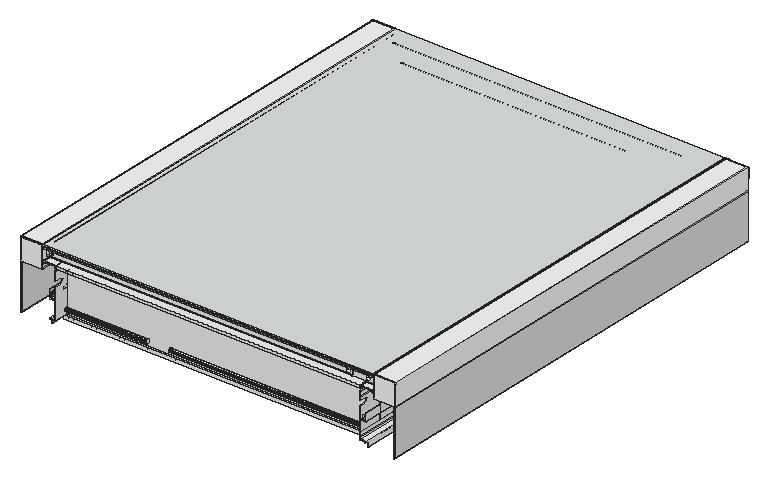
Revit family "Furniture-Lighted_Mirror_Cabinet-KOHLER-VERDERA-K-26379T", category Lighting Fixtures, host Face, Revit 2021 (continued)
Definition of nested family "K-26379T"
  Lines and regions (in)
    Masking region 1
      outline origin (0, 0, 0) x (1, 0, 0) y (0, 0, 1)
        loop
          arc (3.87402, 3.85448) -> (3.86825, 3.8684) -> (3.85433, 3.87416) r 0.01969
          line (3.85433, 3.87416) -> (3.03632, 3.87416)
          arc (3.03632, 3.87416) -> (3.02177, 3.86814) -> (3.01575, 3.85359) r 0.02058
          line (3.01575, 3.85359) -> (3.01575, 3.70094) -> (3.74016, 3.70094) -> (3.74016, 3.3466) -> (3.97638, 3.3466)
          arc (3.97638, 3.3466) -> (3.94854, 3.35814) -> (3.93701, 3.38597) r 0.03937
          line (3.93701, 3.38597) -> (3.93701, 3.75999)
        loop
          line (-19.68508, 3.75999) -> (-19.68508, 3.38597)
          arc (-19.68508, 3.38597) -> (-19.69661, 3.35814) -> (-19.72445, 3.3466) r 0.03937
          line (-19.72445, 3.3466) -> (-19.48823, 3.3466) -> (-19.48823, 3.70094) -> (-18.76382, 3.70094) -> (-18.76382, 3.85359)
          arc (-18.76382, 3.85359) -> (-18.76984, 3.86814) -> (-18.78439, 3.87416) r 0.02058
          line (-18.78439, 3.87416) -> (-19.6024, 3.87416)
          arc (-19.6024, 3.87416) -> (-19.61632, 3.8684) -> (-19.62208, 3.85448) r 0.01969
          line (-19.62208, 3.85448) -> (-19.62208, 3.82298)
          arc (-19.62208, 3.82298) -> (-19.61632, 3.80906) -> (-19.6024, 3.8033) r 0.01969
          line (-19.6024, 3.8033) -> (-19.54711, 3.8033) -> (-19.54711, 3.74031) -> (-19.66539, 3.74031)
          arc (-19.66539, 3.74031) -> (-19.67931, 3.74607) -> (-19.68508, 3.75999) r 0.01969
        loop
          arc (3.21091, 2.01205) -> (3.19951, 1.97008) -> (3.20941, 1.92773) r 0.08873
          arc (3.20941, 1.92773) -> (3.22829, 1.93288) -> (3.24615, 1.92489) r 0.02904
          arc (3.24615, 1.92489) -> (3.34698, 1.96638) -> (3.24839, 2.01297) r 0.0596
          arc (3.24839, 2.01297) -> (3.22982, 2.00578) -> (3.21091, 2.01205) r 0.02948
        loop
          arc (-18.95898, 2.01205) -> (-18.97789, 2.00578) -> (-18.99646, 2.01297) r 0.02948
          arc (-18.99646, 2.01297) -> (-19.09505, 1.96638) -> (-18.99422, 1.92489) r 0.0596
          arc (-18.99422, 1.92489) -> (-18.97636, 1.93288) -> (-18.95748, 1.92773) r 0.02904
          arc (-18.95748, 1.92773) -> (-18.94757, 1.97008) -> (-18.95898, 2.01205) r 0.08873
    Masking region 2
      outline origin (-7.87403, 0, 0) x (0, 1, 0) y (0, 0, 1)
        loop
          arc (15.74803, 4.88976) -> (15.73881, 4.91203) -> (15.71654, 4.92126) r 0.0315
          line (15.71654, 4.92126) -> (-15.71654, 4.92126)
          arc (-15.71654, 4.92126) -> (-15.73881, 4.91203) -> (-15.74803, 4.88976) r 0.0315
          line (-15.74803, 4.88976) -> (-15.74803, 0.11826) -> (-15.70866, 0.07889) -> (-15.51181, 0.07889) -> (-15.51181, 0) -> (15.51181, 0) -> (15.51181, 0.07889) -> (15.70866, 0.07889) -> (15.74803, 0.11826) -> (15.74803, 4.88976)
    Masking region 3
      outline origin (-15.75591, -180, 2.25239) x (-1, 0, 0) y (0, -1, 0)
        loop
          line (5.50397, -195.70866) -> (5.50397, -164.29134)
          arc (5.50397, -164.29134) -> (5.49568, -164.26384) -> (5.46952, -164.25197) r 0.03476
          line (5.46952, -164.25197) -> (3.96044, -164.25197)
          arc (3.96044, -164.25197) -> (3.94405, -164.25877) -> (3.93546, -164.27429) r 0.02691
          line (3.93546, -164.27429) -> (3.92917, -164.31102) -> (3.92917, -164.25197) -> (-19.69291, -164.25197) -> (-19.69291, -164.31102) -> (-19.69921, -164.27429)
          arc (-19.69921, -164.27429) -> (-19.7078, -164.25877) -> (-19.72418, -164.25197) r 0.02691
          line (-19.72418, -164.25197) -> (-21.23326, -164.25197)
          arc (-21.23326, -164.25197) -> (-21.25942, -164.26384) -> (-21.26772, -164.29134) r 0.03476
          line (-21.26772, -164.29134) -> (-21.26772, -195.70866)
          arc (-21.26772, -195.70866) -> (-21.25619, -195.7365) -> (-21.22835, -195.74803) r 0.03937
          line (-21.22835, -195.74803) -> (-19.72333, -195.74803)
          arc (-19.72333, -195.74803) -> (-19.70586, -195.73923) -> (-19.69882, -195.72098) r 0.02718
          line (-19.69882, -195.72098) -> (-19.69882, -195.68898) -> (-19.69291, -195.74803) -> (3.92917, -195.74803) -> (3.93508, -195.68898) -> (3.93508, -195.72098)
          arc (3.93508, -195.72098) -> (3.94212, -195.73923) -> (3.95958, -195.74803) r 0.02718
          line (3.95958, -195.74803) -> (5.4646, -195.74803)
          arc (5.4646, -195.74803) -> (5.49244, -195.7365) -> (5.50397, -195.70866) r 0.03937
    symbolic lines, detail levels medium+fine
      curve 1: line (3.99084, 0, 4.88764) -> (5.45921, 0, 4.8878)
      curve 2: line (3.98926, 0, 4.91535) -> (5.45832, 0, 4.91535)
      curve 3: line (5.47833, 0, 4.86868) -> (5.47835, 0, 3.4092)
      curve 4: line (5.50591, 0, 4.86777) -> (5.50591, 0, 3.40051)
      curve 5: arc (5.45832, 0, 4.91535) -> (5.49197, 0, 4.90142) -> (5.50591, 0, 4.86777) r 0.04758
      curve 6: arc (5.45921, 0, 4.8878) -> (5.47273, 0, 4.8822) -> (5.47833, 0, 4.86868) r 0.01912
      curve 7: arc (3.98926, 0, 4.91535) -> (3.952, 0, 4.89736) -> (3.94291, 0, 4.85699) r 0.04758
      curve 8: arc (3.99084, 0, 4.88764) -> (3.97852, 0, 4.88506) -> (3.97047, 0, 4.87539) r 0.01912
      curve 9: line (3.99084, 0, 3.38065) -> (5.44963, 0, 3.38049)
      curve 10: line (3.98926, 0, 3.35293) -> (5.45832, 0, 3.35293)
      curve 11: arc (5.45832, 0, 3.35293) -> (5.49197, 0, 3.36687) -> (5.50591, 0, 3.40051) r 0.04758
      curve 12: arc (3.98926, 0, 3.35293) -> (3.95561, 0, 3.36687) -> (3.94168, 0, 3.40051) r 0.04758
      curve 13: arc (3.99084, 0, 3.38065) -> (3.97854, 0, 3.38321) -> (3.97049, 0, 3.39284) r 0.01912
      curve 14: line (3.97638, 0, 3.3466) -> (5.03543, 0, 3.3466)
      curve 15: line (4.51373, 0, 3.26786) -> (4.39893, 0, 3.26786)
      curve 16: line (4.56693, 0, 3.26786) -> (4.88189, 0, 3.26786)
      curve 17: line (4.96063, 0, 3.26786) -> (4.96063, 0, 3.3466)
      curve 18: line (4.96063, 0, 3.26786) -> (4.91231, 0, 3.26786)
      curve 19: arc (5.03543, 0, 3.31362) -> (5.0015, 0, 3.33727) -> (4.96063, 0, 3.33089) r 0.05551
      curve 20: arc (4.85226, 0, 3.26786) -> (4.79468, 0, 3.22797) -> (4.7371, 0, 3.26786) r 0.0615
      curve 21: arc (4.70918, 0, 3.26786) -> (4.65199, 0, 3.22633) -> (4.59479, 0, 3.26786) r 0.06015
      curve 22: line (4.85679, 0, 3.22062) -> (4.59149, 0, 3.22062)
      curve 23: line (4.87008, 0, 3.26786) -> (4.87008, 0, 3.23391)
      curve 24: line (4.57818, 0, 3.26786) -> (4.57818, 0, 3.23393)
      curve 25: arc (4.87008, 0, 3.23391) -> (4.86619, 0, 3.22451) -> (4.85679, 0, 3.22062) r 0.01329
      curve 26: arc (4.57818, 0, 3.23393) -> (4.58208, 0, 3.22452) -> (4.59149, 0, 3.22062) r 0.01331
      curve 27: arc (5.47835, 0, 3.4092) -> (5.46994, 0, 3.3889) -> (5.44963, 0, 3.38049) r 0.02871
      curve 28: line (5.43307, 0, 3.3466) -> (5.47244, 0, 3.34661)
      curve 29: line (5.47244, 0, 0.11811) -> (5.47244, 0, 3.30709)
      curve 30: line (5.43307, 0, 0.11811) -> (5.43307, 0, 3.30709)
      curve 31: line (5.47244, 0, 3.30709) -> (5.43307, 0, 3.30709)
      curve 32: line (5.43307, 0, 3.30709) -> (5.42472, 0, 3.33825)
      curve 33: line (5.47244, 0, 3.30709) -> (5.48299, 0, 3.33606)
      curve 34: line (5.47244, 0, 0.11811) -> (5.43307, 0, 0.11811)
      curve 35: line (5.47244, 0, 0.11811) -> (5.48073, 0, 0.08718)
      curve 36: line (5.43307, 0, 0.11811) -> (5.42719, 0, 0.08477)
      curve 37: line (3.93701, 0, 3.91747) -> (3.93701, 0, 3.75999)
      curve 38: line (3.97049, 0, 3.4008) -> (3.97047, 0, 4.87539)
      curve 39: arc (3.99137, 0, 3.37992) -> (3.97661, 0, 3.38604) -> (3.97049, 0, 3.4008) r 0.02088
      curve 40: arc (3.75857, 0, 4.66519) -> (3.73027, 0, 4.40398) -> (3.83234, 0, 4.16188) r 0.52391
      curve 41: line (2.36811, 0, 4.68221) -> (3.83858, 0, 4.68221)
      curve 42: arc (3.83257, 0, 4.20276) -> (3.83638, 0, 4.17484) -> (3.82392, 0, 4.14956) r 0.04819
      curve 43: circle (3.43905, 0, 4.40359) r 0.1578 normal (0, -1, 0)
      curve 44: circle (3.43896, 0, 4.40516) r 0.07874 normal (0, -1, 0)
      curve 45: arc (3.4792, 0, 4.44676) -> (3.38041, 0, 4.40445) -> (3.4792, 0, 4.36215) r 0.05845
      curve 46: arc (3.50697, 0, 4.44483) -> (3.49273, 0, 4.44079) -> (3.4792, 0, 4.44676) r 0.02181
      curve 47: arc (3.4792, 0, 4.36215) -> (3.49277, 0, 4.36896) -> (3.50784, 0, 4.36702) r 0.02599
      curve 48: line (-19.62602, 0, 4.88976) -> (3.87795, 0, 4.88976)
      curve 49: line (3.87795, 0, 4.83465) -> (-19.62602, 0, 4.83465)
      curve 50: line (2.32874, 0, 4.76061) -> (2.32874, 0, 4.16909)
      curve 51: arc (2.3428, 0, 4.77948) -> (2.33264, 0, 4.77238) -> (2.32874, 0, 4.76061) r 0.01969
      curve 52: line (2.32283, 0, 4.14956) -> (2.32283, 0, 4.77948)
      curve 53: line (2.3622, 0, 4.18878) -> (2.3622, 0, 4.68262)
      curve 54: arc (2.32874, 0, 4.70946) -> (2.34417, 0, 4.68969) -> (2.36811, 0, 4.68221) r 0.04206
      curve 55: circle (2.02415, 0, 4.40359) r 0.1578 normal (0, -1, 0)
      curve 56: circle (2.02406, 0, 4.40516) r 0.07874 normal (0, -1, 0)
      curve 57: arc (2.02033, 0, 4.46279) -> (1.98163, 0, 4.36416) -> (2.08205, 0, 4.39794) r 0.05845
      curve 58: arc (2.03947, 0, 4.48237) -> (2.03367, 0, 4.4689) -> (2.02033, 0, 4.46279) r 0.02043
      curve 59: arc (2.08205, 0, 4.39794) -> (2.08768, 0, 4.41439) -> (2.09973, 0, 4.42692) r 0.04018
      curve 60: line (2.3622, 0, 4.18878) -> (3.8131, 0, 4.18878)
      curve 61: line (2.3622, 0, 4.18878) -> (2.34724, 0, 4.14956)
      curve 62: line (2.32283, 0, 4.70259) -> (-19.58665, 0, 4.70259)
      curve 63: line (2.32283, 0, 4.68291) -> (-19.58665, 0, 4.68291)
      curve 64: line (-19.58665, 0, 4.64354) -> (2.32283, 0, 4.64354)
      curve 65: line (-18.70082, 0, 3.91732) -> (2.95276, 0, 3.91732)
      curve 66: line (-18.70082, 0, 3.75984) -> (2.95276, 0, 3.75984)
      curve 67: line (-18.70082, 0, 3.74016) -> (2.95276, 0, 3.74016)
      curve 68: line (3.01575, 0, 3.77953) -> (2.95276, 0, 3.77953)
      curve 69: arc (2.95276, 0, 3.91732) -> (2.95857, 0, 3.93135) -> (2.97259, 0, 3.93716) r 0.01983
      curve 70: line (2.95276, 0, 3.70094) -> (2.95276, 0, 3.91732)
      curve 71: line (3.01575, 0, 3.70094) -> (-18.76382, 0, 3.70094)
      curve 72: line (3.74016, 0, 3.6378) -> (-19.48813, 0, 3.6378)
      curve 73: line (3.74016, 0, 0.29528) -> (-19.48813, 0, 0.29528)
      curve 74: line (3.4252, 0, 0.23637) -> (3.3622, 0, 0.23641)
      curve 75: arc (3.37695, 0, 1.9685) -> (3.28822, 0, 2.05723) -> (3.19949, 0, 1.9685) r 0.08873
      curve 76: arc (3.19949, 0, 1.9685) -> (3.28822, 0, 1.87977) -> (3.37695, 0, 1.9685) r 0.08873
      curve 77: line (3.74016, 0, 3.26786) -> (3.74016, 0, 3.3466)
      curve 78: line (3.94291, 0, 4.85699) -> (3.9429, 0, 3.39857)
      curve 79: line (-19.73878, 0, 4.88764) -> (-21.20728, 0, 4.8878)
      curve 80: line (-19.73733, 0, 4.91535) -> (-21.20639, 0, 4.91535)
      curve 81: line (-21.2264, 0, 4.86868) -> (-21.22642, 0, 3.4092)
      curve 82: line (-21.25397, 0, 4.86777) -> (-21.25397, 0, 3.40051)
      curve 83: arc (-21.20639, 0, 4.91535) -> (-21.24004, 0, 4.90142) -> (-21.25397, 0, 4.86777) r 0.04758
      curve 84: arc (-19.73733, 0, 4.91535) -> (-19.70007, 0, 4.89736) -> (-19.69098, 0, 4.85699) r 0.04758
      curve 85: line (-19.73398, 0, 3.38065) -> (-21.1977, 0, 3.38049)
      curve 86: line (-19.73733, 0, 3.35293) -> (-21.20639, 0, 3.35293)
      curve 87: arc (-21.20639, 0, 3.35293) -> (-21.24004, 0, 3.36687) -> (-21.25397, 0, 3.40051) r 0.04758
      curve 88: arc (-19.73733, 0, 3.35293) -> (-19.70368, 0, 3.36687) -> (-19.68975, 0, 3.40051) r 0.04758
      curve 89: line (-19.72445, 0, 3.3466) -> (-20.7835, 0, 3.3466)
      curve 90: line (-20.2618, 0, 3.26786) -> (-20.14699, 0, 3.26786)
      curve 91: line (-20.315, 0, 3.26786) -> (-20.62996, 0, 3.26786)
      curve 92: line (-20.7087, 0, 3.26786) -> (-20.7087, 0, 3.3466)
      curve 93: line (-20.7087, 0, 3.26786) -> (-20.66038, 0, 3.26786)
      curve 94: arc (-20.7835, 0, 3.31362) -> (-20.74957, 0, 3.33727) -> (-20.7087, 0, 3.33089) r 0.05551
      curve 95: arc (-20.60033, 0, 3.26786) -> (-20.54275, 0, 3.22797) -> (-20.48517, 0, 3.26786) r 0.0615
      curve 96: arc (-20.45725, 0, 3.26786) -> (-20.40005, 0, 3.22633) -> (-20.34286, 0, 3.26786) r 0.06015
      curve 97: arc (-21.22642, 0, 3.4092) -> (-21.21801, 0, 3.3889) -> (-21.1977, 0, 3.38049) r 0.02871
      curve 98: line (-21.18114, 0, 3.3466) -> (-21.22051, 0, 3.34661)
      curve 99: line (-21.22051, 0, 0.11811) -> (-21.22051, 0, 3.30709)
      curve 100: line (-21.18114, 0, 0.11811) -> (-21.18114, 0, 3.30709)
      curve 101: line (-21.22051, 0, 3.30709) -> (-21.18114, 0, 3.30709)
      curve 102: line (-21.18114, 0, 3.30709) -> (-21.17279, 0, 3.33825)
      curve 103: line (-21.22051, 0, 3.30709) -> (-21.23106, 0, 3.33606)
      curve 104: line (-21.22051, 0, 0.11811) -> (-21.18114, 0, 0.11811)
      curve 105: line (-21.22051, 0, 0.11811) -> (-21.2288, 0, 0.08718)
      curve 106: line (-21.18114, 0, 0.11811) -> (-21.17526, 0, 0.08477)
      curve 107: line (-19.68508, 0, 3.91747) -> (-19.68508, 0, 3.75999)
      curve 108: line (-19.71856, 0, 3.4008) -> (-19.71854, 0, 4.86739)
      curve 109: arc (-19.73398, 0, 3.38065) -> (-19.72286, 0, 3.38811) -> (-19.71856, 0, 3.4008) r 0.02088
      curve 110: circle (-19.19327, 0, 4.40659) r 0.1578 normal (0, 1, 0)
      curve 111: circle (-19.19318, 0, 4.40815) r 0.07874 normal (0, 1, 0)
      curve 112: arc (-19.23342, 0, 4.44975) -> (-19.13463, 0, 4.40745) -> (-19.23342, 0, 4.36515) r 0.05845
      curve 113: arc (-19.23342, 0, 4.36515) -> (-19.24699, 0, 4.37196) -> (-19.26206, 0, 4.37002) r 0.02599
      curve 114: line (-18.76382, 0, 3.77953) -> (-18.70082, 0, 3.77953)
      curve 115: line (-18.76382, 0, 3.74016) -> (-18.70082, 0, 3.74016)
      curve 116: arc (-18.70082, 0, 3.91732) -> (-18.7058, 0, 3.93046) -> (-18.71824, 0, 3.93701) r 0.01983
      curve 117: line (-18.70082, 0, 3.70094) -> (-18.70082, 0, 3.91732)
      curve 118: line (-19.17327, 0, 0.23637) -> (-19.11027, 0, 0.23641)
      curve 119: arc (-19.12502, 0, 1.9685) -> (-19.03629, 0, 2.05723) -> (-18.94756, 0, 1.9685) r 0.08873
      curve 120: arc (-18.94756, 0, 1.9685) -> (-19.03629, 0, 1.87977) -> (-19.12502, 0, 1.9685) r 0.08873
      curve 121: line (-19.48823, 0, 3.26786) -> (-19.48823, 0, 3.3466)
      curve 122: line (-19.69098, 0, 4.85699) -> (-19.69097, 0, 3.39857)
      curve 123: arc (-19.71854, 0, 4.86739) -> (-19.72447, 0, 4.88171) -> (-19.73878, 0, 4.88764) r 0.02024
      curve 124: arc (-19.25977, 0, 4.45016) -> (-19.24668, 0, 4.44456) -> (-19.23342, 0, 4.44975) r 0.0188
      curve 125: line (-19.58665, 0, 4.60417) -> (2.32283, 0, 4.60417)
      curve 126: line (0, -15.51181, 0.07889) -> (0, 15.51182, 0.07889)
      curve 127: line (0, 15.68899, 4.92141) -> (0, 15.68899, 3.3466)
      curve 128: line (0, 15.74804, 3.3466) -> (0, -15.74802, 3.3466)
      curve 129: line (0, 15.70867, 3.30723) -> (0, -15.70865, 3.30723)
      curve 130: line (0, 15.70867, 0.11826) -> (0, 15.70867, 3.30723)
      curve 131: line (0, 15.70867, 0.11826) -> (0, -15.70865, 0.11826)
      curve 132: line (0, -15.70865, 3.30723) -> (0, -15.70865, 0.11826)
      curve 133: line (0, -15.68897, 4.92141) -> (0, -15.68897, 3.3466)
      curve 134: line (0, -15.72046, 3.35251) -> (0, -15.68897, 3.35251)
      curve 135: line (0, -15.72834, 3.32692) -> (0, -15.70865, 3.30723)
      curve 136: line (0, -15.68897, 4.9155) -> (0, -15.72046, 4.9155)
      curve 137: line (0, -15.72046, 4.9155) -> (0, -15.72046, 3.35251)
      curve 138: line (0, -15.68897, 4.88204) -> (0, 15.68899, 4.88204)
      curve 139: arc (0, -15.74802, 3.38078) -> (0, -15.74021, 3.36084) -> (0, -15.72046, 3.35251) r 0.02757
      curve 140: line (0, -15.70865, 3.3466) -> (0, -15.74802, 3.30723)
      curve 141: line (0, -15.71653, 3.33873) -> (0, -15.74802, 3.33873)
      curve 142: line (0, 15.51182, 0.01983) -> (0, -15.5118, 0.01983)
      curve 143: line (0, 15.72048, 3.35251) -> (0, 15.68899, 3.35251)
      curve 144: arc (0, 15.74804, 3.38184) -> (0, 15.7406, 3.36121) -> (0, 15.72048, 3.35251) r 0.02761
      curve 145: line (0, -15.70865, 0.11826) -> (0, -15.71831, 0.08854)
      curve 146: line (0, 15.70867, 0.11826) -> (0, 15.71699, 0.08721)
      curve 147: line (0, 15.70867, 3.30723) -> (0, 15.73972, 3.31555)
      curve 148: line (0, 15.70867, 3.3466) -> (0, 15.74804, 3.30723)
      curve 149: line (0, -15.68897, 3.38597) -> (0, 15.68899, 3.38597)
      curve 150: arc (0, -15.72046, 4.9155) -> (0, -15.73927, 4.90812) -> (0, -15.74802, 4.88991) r 0.02763
      curve 151: line (0, 15.72048, 4.9155) -> (0, 15.72048, 3.35251)
      curve 152: line (0, 15.68899, 4.9155) -> (0, 15.72048, 4.9155)
      curve 153: arc (0, 15.72048, 4.9155) -> (0, 15.73929, 4.90812) -> (0, 15.74804, 4.88991) r 0.02763
      curve 154: arc (-21.20728, 0, 4.8878) -> (-21.2208, 0, 4.8822) -> (-21.2264, 0, 4.86868) r 0.01912
      curve 155: line (-20.61815, 0, 3.26786) -> (-20.61815, 0, 3.23169)
      curve 156: line (-20.34015, 0, 3.22062) -> (-20.60708, 0, 3.22062)
      curve 157: line (-20.32782, 0, 3.26786) -> (-20.32782, 0, 3.23295)
      curve 158: arc (-20.61815, 0, 3.23169) -> (-20.6149, 0, 3.22386) -> (-20.60708, 0, 3.22062) r 0.01107
      curve 159: arc (-20.32782, 0, 3.23295) -> (-20.33143, 0, 3.22423) -> (-20.34015, 0, 3.22062) r 0.01233
      curve 160: line (-19.59453, 15.71654, 2.25239) -> (3.84646, 15.71654, 2.25239)
      curve 161: line (3.84646, -15.71654, 2.25239) -> (-19.59453, -15.71654, 2.25239)
      curve 162: line (-19.62602, -15.74803, 2.25239) -> (-19.59453, -15.71654, 2.25239)
      curve 163: line (-19.59453, -15.71654, 2.25239) -> (-19.59453, 15.71654, 2.25239)
      curve 164: line (-19.62602, 15.74803, 2.25239) -> (-19.62602, -15.74803, 2.25239)
      curve 165: line (-21.25988, -15.68898, 2.25239) -> (-19.68508, -15.68898, 2.25239)
      curve 166: line (-21.25396, -15.71982, 2.25239) -> (-21.25396, -15.68898, 2.25239)
      curve 167: line (-19.68508, -15.68898, 2.25239) -> (-19.68508, 15.74803, 2.25239)
      curve 168: line (-19.68508, 15.68898, 2.25239) -> (-21.25988, 15.68898, 2.25239)
      curve 169: line (-19.62602, 15.74803, 2.25239) -> (-19.59453, 15.71654, 2.25239)
      curve 170: line (-19.69098, -15.71982, 2.25239) -> (-19.69098, -15.68898, 2.25239)
      curve 171: line (-21.20673, 15.68898, 2.25239) -> (-21.20673, 15.74803, 2.25239)
      curve 172: line (-21.25396, 15.72047, 2.25239) -> (-19.69099, 15.72047, 2.25239)
      curve 173: line (-21.25396, 15.68898, 2.25239) -> (-21.25396, 15.72047, 2.25239)
      curve 174: arc (-21.25396, 15.72047, 2.25239) -> (-21.25252, 15.72896, 2.25239) -> (-21.24835, 15.7365, 2.25239) r 0.02569
      curve 175: line (-19.73823, 15.74803, 2.25239) -> (-19.73823, 15.68898, 2.25239)
      curve 176: line (-19.66539, -15.74803, 2.25239) -> (-19.66539, 15.74803, 2.25239)
      curve 177: arc (-19.71609, -15.74803, 2.25239) -> (-19.69817, -15.7387, 2.25239) -> (-19.69098, -15.71982, 2.25239) r 0.02841
      curve 178: line (-19.73823, -15.68898, 2.25239) -> (-19.73823, -15.74803, 2.25239)
      curve 179: line (-19.69098, -15.71982, 2.25239) -> (-21.25396, -15.71982, 2.25239)
      curve 180: arc (-21.22543, -15.74803, 2.25239) -> (-21.24559, -15.73988, 2.25239) -> (-21.25396, -15.71982, 2.25239) r 0.02822
      curve 181: line (-21.20679, -15.74803, 2.25239) -> (-21.20679, -15.68898, 2.25239)
      curve 182: line (-21.22051, -15.68898, 2.25239) -> (-21.22051, 15.68898, 2.25239)
      curve 183: line (-19.72445, -15.68898, 2.25239) -> (-19.72445, 15.68898, 2.25239)
      curve 184: line (3.87795, -15.74803, 2.25239) -> (3.84646, -15.71654, 2.25239)
      curve 185: line (3.84646, -15.71654, 2.25239) -> (3.84646, 15.71654, 2.25239)
      curve 186: line (3.87795, 15.74803, 2.25239) -> (3.87795, -15.74803, 2.25239)
      curve 187: line (5.51181, -15.68898, 2.25239) -> (3.93701, -15.68898, 2.25239)
      curve 188: line (5.50589, -15.71982, 2.25239) -> (5.50589, -15.68898, 2.25239)
      curve 189: line (3.93701, -15.68898, 2.25239) -> (3.93701, 15.74803, 2.25239)
      curve 190: line (3.93701, 15.68898, 2.25239) -> (5.51181, 15.68898, 2.25239)
      curve 191: line (3.87795, 15.74803, 2.25239) -> (3.84646, 15.71654, 2.25239)
      curve 192: line (3.94291, -15.71982, 2.25239) -> (3.94291, -15.68898, 2.25239)
      curve 193: line (5.45866, 15.68898, 2.25239) -> (5.45866, 15.74803, 2.25239)
      curve 194: line (5.50589, 15.72047, 2.25239) -> (3.94292, 15.72047, 2.25239)
      curve 195: line (5.50589, 15.68898, 2.25239) -> (5.50589, 15.72047, 2.25239)
      curve 196: line (3.99016, 15.74803, 2.25239) -> (3.99016, 15.68898, 2.25239)
      curve 197: line (3.91732, -15.74803, 2.25239) -> (3.91732, 15.74803, 2.25239)
      curve 198: arc (3.96802, -15.74803, 2.25239) -> (3.9501, -15.7387, 2.25239) -> (3.94291, -15.71982, 2.25239) r 0.02841
      curve 199: line (3.99016, -15.68898, 2.25239) -> (3.99016, -15.74803, 2.25239)
      curve 200: line (3.94291, -15.71982, 2.25239) -> (5.50589, -15.71982, 2.25239)
      curve 201: arc (5.47736, -15.74803, 2.25239) -> (5.49752, -15.73988, 2.25239) -> (5.50589, -15.71982, 2.25239) r 0.02822
      curve 202: line (5.45872, -15.74803, 2.25239) -> (5.45872, -15.68898, 2.25239)
      curve 203: line (5.47244, -15.68898, 2.25239) -> (5.47244, 15.68898, 2.25239)
      curve 204: line (3.97638, -15.68898, 2.25239) -> (3.97638, 15.68898, 2.25239)
      curve 205: arc (5.50589, 15.72047, 2.25239) -> (5.50445, 15.72896, 2.25239) -> (5.50028, 15.7365, 2.25239) r 0.02569
      curve 206: line (-19.58665, 0, 4.77165) -> (-19.58665, 0, 4.80305)
      curve 207: arc (2.32283, 0, 4.1694) -> (2.33055, 0, 4.15396) -> (2.34724, 0, 4.14956) r 0.02095
      curve 208: arc (2.32874, 0, 4.16909) -> (2.3341, 0, 4.15564) -> (2.34724, 0, 4.14956) r 0.01957
      curve 209: line (-7.87403, 15.74803, 0.23622) -> (-7.87403, 15.74803, 3.70079)
      curve 210: arc (3.80037, 0, 4.77948) -> (3.77978, 0, 4.72222) -> (3.75857, 0, 4.66519) r 5.64523
      curve 211: line (2.81819, 0, 3.93701) -> (-4.83134, 0, 3.93701)
      curve 212: line (1.97348, 0, 4.0777) -> (3.19594, 0, 4.0777)
      curve 213: line (2.83996, 0, 3.95959) -> (2.83992, 0, 4.0777)
      curve 214: line (1.97348, 0, 3.95959) -> (2.79561, 0, 3.95959)
      curve 215: line (2.70691, 0, 4.0777) -> (2.70691, 0, 3.95959)
      curve 216: line (2.13126, 0, 4.0777) -> (2.13126, 0, 3.95959)
      curve 217: line (-0.7726, 0, 4.14956) -> (3.69488, 0, 4.14956)
      curve 218: line (2.08028, 0, 4.0777) -> (2.08028, 0, 4.14956)
      curve 219: line (1.97348, 0, 4.0777) -> (1.97348, 0, 3.95959)
      curve 220: arc (3.19751, 0, 4.05801) -> (3.19518, 0, 4.10378) -> (3.19742, 0, 4.14956) r 0.45851
      curve 221: line (3.03458, 0, 4.05801) -> (2.83993, 0, 4.05801)
      curve 222: line (-0.7726, 0, 3.97671) -> (-0.7726, 0, 3.93701)
      curve 223: line (3.69488, 0, 4.14956) -> (2.34724, 0, 4.14956)
      curve 224: arc (3.83257, 0, 4.20276) -> (3.7749, 0, 4.46705) -> (3.83401, 0, 4.73102) r 0.62663
      curve 225: arc (3.83401, 0, 4.73102) -> (3.83478, 0, 4.75952) -> (3.81443, 0, 4.77948) r 0.03568
  Dimensions and locks (in)
    plane 7 to plane 3 "Center (Left/Right)" = 13.38585"
    plane 10 to plane 11 = 25.19087"
    plane 8 to plane 4 = 31.49606"
    plane 6 to plane 9 = 1.57466"
    plane 9 to level = 3.3466"
    plane 14 to plane 13 = 23.50397"
    plane 6 to level = 4.92126"
    plane 6 to plane 17 = 4.685"
    plane 18 to plane 7 = 26.77169"  (x2)
    aligned and locked: plane 2 to level
